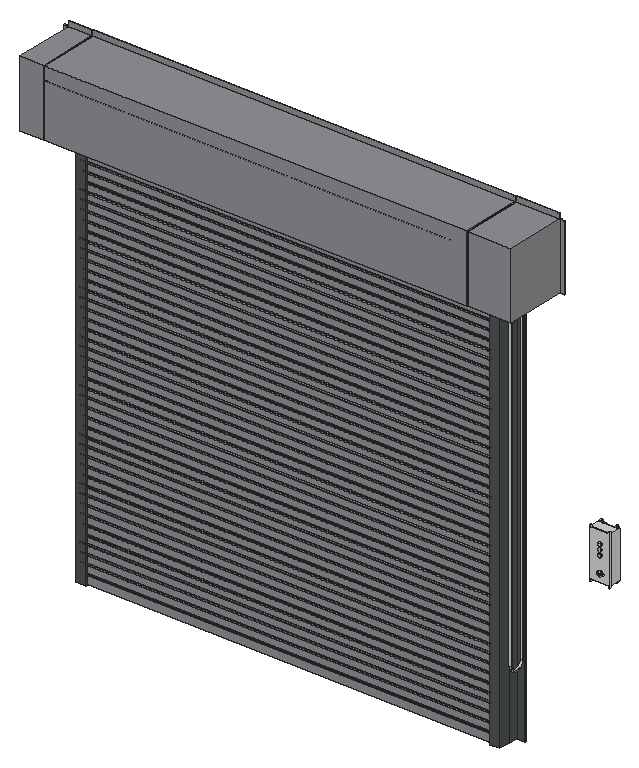
Revit family "EverServe-HD-Rolling-Steel-Service-Doors_OHD_Model-625S_compact", category Specialty Equipment, host Wall, Revit 2023
Family settings
  Host = Wall
  Round Connector Dimension = Use Diameter
  Part Type = Normal
  OmniClass Number = 23.30.10.21.34
  OmniClass Title = Industrial Doors
  Enable Cutting in Views = No
  Always vertical = Yes
  Cut with Voids When Loaded = Yes
  Maintain Annotation Orientation = No
  Shared = No
  Room Calculation Point = No
Parameters (values of type "208 volts, one phase, 60 Hz (208-240V range)")
  Warning Sign [instance] = if(Calculated Area > 683.00 SF, 1 = 1, 1 = 2)  # no
  Warning (Note) [instance] = if(Warning Sign, "The Door Area is out of the limit; please adjust accordingly. The maximum allowed area is 683 sq. ft.", if(Opening Height > 360", "Headroom Clearance Dimensions - out of the limits. Consult Factory", " "))  # " "
  Wall Thickness [instance] = 6"
  Voltage = 208 V
  Version = "1.00.01"  # constant formula
  True Opening Width [instance] = Clear Width  # 120"
  True Opening Height [instance] = Clear Height  # 120"
  Slat Type [instance] = if(Slat Option < 2, "F-265i", "F-265")  # "F-265i"
  Slat Option [instance] = 1
  Slat Length [instance] = Clear Width + G Value * 2 - 1" / 2 * 2  # 126"
  Slat Height [instance] = 13 19/128"  # constant formula
  Slat [instance] = if(Slat Option < 2, 2, 1)  # 2
  Product Page URL = "https://www.overheaddoor.com/rolling-steel-service-doors-625S"
  Power Factor = 1
  Powder Coat (Note) = "PowderGuard® Premium powder coat finish options are available in approximately 200 colors as well as custom matching to specification. PowderGuard® Textured finish, a thicker, more scratch resistant coat, is available in 11 colors providing enhanced scratch resistance as well as aiding in hiding the dirt and blemishes that often occur in commercial environments.​"  # constant formula
  Opening Width Real [instance] = if(Opening Width > Max Opening Width, Max Opening Width, if(Opening Width < Min Opening Width, Min Opening Width, Opening Width))  # 120"
  Opening Width [instance] = 120"
  Opening Height Real [instance] = if(Opening Height > Max Opening Height, Max Opening Height, if(Opening Height < Min Opening Height, Min Opening Height, Opening Height))  # 120"
  Opening Height [instance] = 120"
  One Array element [instance] = not(Array Vis)  # no
  Number of Poles = 1
  Motor Position [instance] = M Value - G Value  # 2 3/4"
  Min Opening Width [instance] = 18"  # constant formula
  Min Opening Height [instance] = 24"  # constant formula
  Max Opening Width [instance] = 360"  # constant formula
  Max Opening Height [instance] = 240"  # constant formula
  Material Finish [instance] = 625S : Standard - Gray
  M Value [instance] = if(or(Opening Width < 108", Opening Width = 108"), 5 3/4", if(or(Opening Width < 180", Opening Width = 180"), 6 1/4", if(or(Opening Width < 240", Opening Width = 240"), 7 1/4", 9 1/4")))  # 6 1/4"
  Installation Real [instance] = Wall Thickness  # 6"
  Hood Type [instance] = "Square Hood"  # constant formula
  Hood Offset [instance] = 4"  # constant formula
  Hood Material [instance] = Metal - Overhead Door - Gray
  Hood Height [instance] = A Value + 2"  # 20"
  Headroom Height Real [instance] = Hood Offset + Hood Height  # 24"
  Headroom Height [instance] = Headroom Height Real + 1 1/2"  # 25 1/2"
  HC 4 [instance] = if(or(Clear Height < 84", Clear Height = 84"), 16", if(or(Clear Height < 132", Clear Height = 132"), 18", if(or(Clear Height < 192", Clear Height = 192"), 20", 22")))  # 18"
  HC 3 [instance] = if(or(Clear Height < 108", Clear Height = 108"), 16", if(or(Clear Height < 168", Clear Height = 168"), 18", 20"))  # 18"
  HC 2 [instance] = if(or(Clear Height < 60", Clear Height = 60"), 14", if(or(Clear Height < 120", Clear Height = 120"), 16", if(or(Clear Height < 180", Clear Height = 180"), 18", 20")))  # 16"
  HC 1 [instance] = if(or(Clear Height < 96", Clear Height = 96"), 14", if(or(Clear Height < 168", Clear Height = 168"), 16", 18"))  # 16"
  Guide Type [instance] = "Angled Z Guide"  # constant formula
  Guid Depth [instance] = D Value  # 6 1/4"
  G Value [instance] = if(or(Opening Width < 108", Opening Width = 108"), 3", if(or(Opening Width < 180", Opening Width = 180"), 3 1/2", if(or(Opening Width < 240", Opening Width = 240"), 4", 5 9/16")))  # 3 1/2"
  Frequency = 60 Hz
  Face of Wall Offset [instance] = 5"  # constant formula
  Door Width True [instance] = Clear Width + M Value * 2  # 132 1/2"
  Door Width (Real) [instance] = Clear Width + 1"  # 121"
  Door Height True [instance] = Clear Width + Headroom Height  # 145 1/2"
  Door Height (Real) [instance] = Clear Height + Hood Offset  # 124"
  URL = "https://www.overheaddoor.com/"
  Product data url = "https://www.bimobject.com/overhead-door/product/everserve-hd-rolling-steel-service-doors-625S"
  Product Guid = "6a0fd513-d7c8-41b2-bc4f-ca6d2d5c098a"
  Model = "625S"  # constant formula
  Manufacturer = "Overhead Door Corporation"  # constant formula
  Wall Closure = By host
  Floor To (CL) of Shaft [instance] = Clear Height + Hood Height / 2 + Hood Offset  # 134"
  Finish Material = Finish - Overhead Door - Black
  Description = "Everserve Model 625S Springless service door"  # constant formula
  Default Elevation = 0"
  Date Updated = "2026/05/29"  # constant formula
  D Value [instance] = if(or(Opening Width < 108", Opening Width = 108"), 5 11/16", if(or(Opening Width < 180", Opening Width = 180"), 6 1/4", if(or(Opening Width < 240", Opening Width = 240"), 6 3/16", 7 1/16")))  # 6 1/4"
  Clear Width [instance] = Opening Width Real  # 120"
  Clear Height [instance] = Opening Height Real  # 120"
  Current = 20 A
  BimObject_Variable_Connectors = "No"  # constant formula
  Backroom Depth [instance] = A Value + 1/2"  # 18 1/2"
  BJ Displacement Real [instance] = 0"  # constant formula
  Array Vis [instance] = if(Array < 2, 1 = 2, 1 = 1)  # yes
  Array Real [instance] = if(Array < 2, 2, Array)  # 10
  Array Length [instance] = (Array) * Slat Height  # 131 31/64"
  Array [instance] = rounddown(([Door Height (Real)] - 3") / Slat Height) + 1  # 10
  Calculated Area [instance] = [Door Width (Real)] * [Door Height (Real)]  # 104.194 SF
  Apparent Load Phase 3 = if(Number of Poles = 1, 0 VA, (Voltage * Current * sqrt(3)) / 3)  # 0 VA
  Apparent Load Phase 2 = if(Number of Poles = 1, 0 VA, (Voltage * Current * sqrt(3)) / 3)  # 0 VA
  Apparent Load Phase 1 = if(Number of Poles = 1, Voltage * Current, (Voltage * Current * sqrt(3)) / 3)  # 4160 VA
  A Value [instance] = if(Slat Option < 2, HC 4, HC 3)  # 18"
Reference planes (in)
  plane 1 "Center (Front/Back)": y = -14.625
  plane 2 "Center (Left/Right)": x = 0
  plane 3 "Left": x = -60
  plane 4 "Right": x = 60
  plane 5 "Exterior": y = -8.625
  plane 6 "Interior": y = -14.625
  plane 7: x = 66.25
  plane 8: x = -66.25
  plane 9: z = 120
  plane 10 "Main": y = -20.23437
  plane 11 "Backroom Depth": y = -32.125
  plane 12 "Main Door Block": y = -13.625
  plane 13 "Bottom Bar": z = 2.75
  plane 14: y = -20.875
  plane 15: z = 134.23438
  plane 16: z = 144
  plane 17: z = 124
  plane 18: z = 145.5
  plane 19: z = 0
  plane 20: z = 60
  plane 21: y = -20.0625
  plane 22: y = 18.375
  plane 23: y = -41.625
  plane 24 "Double Main": y = -19.656
  plane 25 "Headroom Top": z = 145.5
  plane 26: z = 134
  plane 27: x = 63.5
  plane 28: x = -63.5
  plane 29: z = 121.08594
  plane 30: y = -20.0625
  plane 31: z = 2.75
  plane 32: y = -20.0625
  plane 33: z = 121.08594
  plane 34: y = -20.0625
  plane 35: z = 15.89844
  plane 36: y = -20.0625
  plane 37: z = 29.04688
  plane 38: y = -20.0625
  plane 39: z = 42.19531
  plane 40: y = -20.0625
  plane 41: z = 55.34375
  plane 42: y = -20.0625
  plane 43: z = 68.49219
  plane 44: y = -20.0625
  plane 45: z = 81.64063
  plane 46: y = -20.0625
  plane 47: z = 94.78906
  plane 48: y = -20.0625
  plane 49: z = 107.9375
  plane 50: z = 2.75
  plane 51: y = -20.0625
  plane 52: z = 121.08594
  plane 53: y = -20.0625
  plane 54: z = 15.89844
  plane 55: y = -20.0625
  plane 56: z = 29.04688
  plane 57: y = -20.0625
  plane 58: z = 42.19531
  plane 59: y = -20.0625
  plane 60: z = 55.34375
  plane 61: y = -20.0625
  plane 62: z = 68.49219
  plane 63: y = -20.0625
  plane 64: z = 81.64063
  plane 65: y = -20.0625
  plane 66: z = 94.78906
  plane 67: y = -20.0625
  plane 68: z = 107.9375
  plane 69: y = -20.0625
Forms (in)
  Extrusion 1, void
    sketch origin (0, -13.625, 0) x (0, 0, -1) y (-1, 0, 0)
      loop
        line (-120, 60) -> (-120, -60) -> (0, -60) -> (0, 60) -> (-120, 60)
    from -1 to 5
Text (in)
  text "Exterior" at (-74.96733, 27.31104, 0), in view "Ref. Level"
  text "Interior" at (-74.96733, -25.14366, 0), in view "Ref. Level"
  text "Exterior" at (0, 40.15149, 123.01588), in view "Right"
  text "Interior" at (0, -64.39139, 123.01588), in view "Right"
  text "Interior" at (0, -31.01599, 123.00693), in view "Left"
  text "Exterior" at (0, 54.57065, 123.00693), in view "Left"
Dimensions and locks (in)
  equal spacing: plane 3 "Left", plane 2 "Center (Left/Right)", plane 4 "Right"
  "Clear Width": plane 3 "Left" to plane 4 "Right"
  level to host wall = 459.59655"
  "Clear Height": level to plane 9
  plane 7 to plane 8 = 132 1/2"
  equal spacing: plane 7, plane 2 "Center (Left/Right)", plane 8
  locked: plane 13 "Bottom Bar" to level at 2.75
  "Door Width True": plane 7 to plane 8
  locked: plane 14 to plane 10 "Main" at 0.64063
  "Array Length": plane 15 to plane 13 "Bottom Bar"
  "Backroom Depth": plane 11 "Backroom Depth" to plane 12 "Main Door Block"
  "Hood Height": plane 16 to plane 17
  locked: plane 18 to plane 16 at 1.5
  "Installation Real": plane 1 "Center (Front/Back)" to plane 5 "Exterior"
  "Wall Thickness": host wall to host wall
  equal spacing: plane 9, plane 20, plane 19
  locked: plane 10 "Main" to plane 21 at 0.17187
  equal spacing: plane 22, host wall, plane 23
  locked: plane 22 to plane 23 at 60
  locked: plane 10 "Main" to plane 24 "Double Main" at 0.57837
  "Hood Offset": plane 17 to plane 9
  "Headroom Height": plane 25 "Headroom Top" to plane 9
  "Floor To (CL) of Shaft": plane 26 to level
  "Motor Position": plane 7 to plane 27
  "Motor Position": plane 28 to plane 8
  "Guid Depth": plane 14 to plane 1 "Center (Front/Back)"
  "Slat Height": plane 15 to plane 29
  equal spacing: group 1, group 3, group 4, group 5, group 6, group 7, group 8, group 9, group 10, group 2  (x2)
  equal spacing: group 2, group 10, group 9, group 8, group 7, group 6, group 5, group 4, group 3, group 1
  equal spacing: group 12, group 20, group 19, group 18, group 17, group 16, group 15, group 14, group 13, group 11  (x2)
  equal spacing: group 11, group 13, group 14, group 15, group 16, group 17, group 18, group 19, group 20, group 12
  aligned and locked: plane 5 "Exterior" to host wall
  aligned and locked: host wall to plane 6 "Interior"
  aligned and locked: level to Extrusion 1 sketch curve
  aligned and locked: Extrusion 1 to plane 5 "Exterior"
  aligned and locked: plane 6 "Interior" to Extrusion 1
  aligned and locked: nested 1 to plane 2 "Center (Left/Right)"
  aligned and locked: nested 1 to level
  aligned and locked: level to plane 19
  aligned and locked: nested 1 to plane 1 "Center (Front/Back)"
  aligned and locked: plane 2 "Center (Left/Right)" to nested 2
  aligned and locked: nested 2 to plane 22
  aligned and locked: plane 23 to nested 3
  aligned and locked: nested 3 to plane 2 "Center (Left/Right)"
  aligned and locked: nested 4 to plane 20
  aligned and locked: plane 2 "Center (Left/Right)" to nested 4
  aligned and locked: nested 4 to plane 21
  aligned and locked: plane 4 "Right" to Extrusion 1 sketch curve
  aligned and locked: plane 3 "Left" to Extrusion 1 sketch curve
  aligned and locked: Extrusion 1 sketch curve to plane 9
  aligned and locked: plane 13 "Bottom Bar" to plane 31
  aligned and locked: plane 21 to plane 30
  aligned and locked: plane 29 to plane 33
  aligned and locked: plane 32 to plane 21
  aligned and locked: plane 13 "Bottom Bar" to plane 50
  aligned and locked: plane 21 to plane 51
  aligned and locked: plane 29 to plane 52
  aligned and locked: plane 53 to plane 21
  aligned and locked: plane 21 to nested 15
Nested families (in)
  nested 1: "Lifts" at (0, -14.625, 0), type "Frame Unit"
    with Square Hood yes, Round Hood no, Right Motor Position yes, Octagon Hood no, No Hood no, Hood Height 20", Headroom Height Real 24", Half Hood Height 20", Shaft Offset 9 1/4", Headroom Height 24", Header Width 18 1/2", Floor To (CL) of Shaft 134"
  nested 2: "Label Annotation 1" at (0, 18.375, 0), visible <- "Warning Sign", type "Label Annotation 1"
  nested 3: "Label Annotation 1" at (0, -41.625, 0) x (-1, 0, 0) z (0, 0, 1), visible <- "Warning Sign", type "Label Annotation 1"
  nested 4: "Warning Sign" at (0, -20.0625, 60), visible <- "Warning Sign", type "Warning Sign"
    with Warning Sign no
  nested 5: "625S" at (0, -20.0625, 2.75), Slat Option <- "Slat", Opening Width <- "Slat Length", visible <- "Array Vis", type <- "Material Finish", type "Standard - Gray"
    with not av no, Void Offset 1", Void Height 1", Slat Width 3/4", Slat Position + Offset 14.491", Slat Position 13.15", Slat Option 2, Opening Width 126", Integrated Cutout no, F-265i yes, F 265 no, Cutout Width Offset 1", Cutout Vertical Offset 1.341", Cutout Thickness 3/4", Cutout Horizontal Offset 1", Cutout Center Offset 0.298"
  nested 6: "625S" at (0, -20.0625, 121.08594), Slat Option <- "Slat", Opening Width <- "Slat Length", visible <- "Array Vis", type <- "Material Finish", type "Standard - Gray"
    with not av no, Void Offset 1", Void Height 1", Slat Width 3/4", Slat Position + Offset 14.491", Slat Position 13.15", Slat Option 2, Opening Width 126", Integrated Cutout no, F-265i yes, F 265 no, Cutout Width Offset 1", Cutout Vertical Offset 1.341", Cutout Thickness 3/4", Cutout Horizontal Offset 1", Cutout Center Offset 0.298"
  nested 7: "625S" at (0, -20.0625, 15.89844), Slat Option <- "Slat", Opening Width <- "Slat Length", visible <- "Array Vis", type <- "Material Finish", type "Standard - Gray"
    with not av no, Void Offset 1", Void Height 1", Slat Width 3/4", Slat Position + Offset 14.491", Slat Position 13.15", Slat Option 2, Opening Width 126", Integrated Cutout no, F-265i yes, F 265 no, Cutout Width Offset 1", Cutout Vertical Offset 1.341", Cutout Thickness 3/4", Cutout Horizontal Offset 1", Cutout Center Offset 0.298"
  nested 8: "625S" at (0, -20.0625, 29.04688), Slat Option <- "Slat", Opening Width <- "Slat Length", visible <- "Array Vis", type <- "Material Finish", type "Standard - Gray"
    with not av no, Void Offset 1", Void Height 1", Slat Width 3/4", Slat Position + Offset 14.491", Slat Position 13.15", Slat Option 2, Opening Width 126", Integrated Cutout no, F-265i yes, F 265 no, Cutout Width Offset 1", Cutout Vertical Offset 1.341", Cutout Thickness 3/4", Cutout Horizontal Offset 1", Cutout Center Offset 0.298"
  nested 9: "625S" at (0, -20.0625, 42.19531), Slat Option <- "Slat", Opening Width <- "Slat Length", visible <- "Array Vis", type <- "Material Finish", type "Standard - Gray"
    with not av no, Void Offset 1", Void Height 1", Slat Width 3/4", Slat Position + Offset 14.491", Slat Position 13.15", Slat Option 2, Opening Width 126", Integrated Cutout no, F-265i yes, F 265 no, Cutout Width Offset 1", Cutout Vertical Offset 1.341", Cutout Thickness 3/4", Cutout Horizontal Offset 1", Cutout Center Offset 0.298"
  nested 10: "625S" at (0, -20.0625, 55.34375), Slat Option <- "Slat", Opening Width <- "Slat Length", visible <- "Array Vis", type <- "Material Finish", type "Standard - Gray"
    with not av no, Void Offset 1", Void Height 1", Slat Width 3/4", Slat Position + Offset 14.491", Slat Position 13.15", Slat Option 2, Opening Width 126", Integrated Cutout no, F-265i yes, F 265 no, Cutout Width Offset 1", Cutout Vertical Offset 1.341", Cutout Thickness 3/4", Cutout Horizontal Offset 1", Cutout Center Offset 0.298"
  nested 11: "625S" at (0, -20.0625, 68.49219), Slat Option <- "Slat", Opening Width <- "Slat Length", visible <- "Array Vis", type <- "Material Finish", type "Standard - Gray"
    with not av no, Void Offset 1", Void Height 1", Slat Width 3/4", Slat Position + Offset 14.491", Slat Position 13.15", Slat Option 2, Opening Width 126", Integrated Cutout no, F-265i yes, F 265 no, Cutout Width Offset 1", Cutout Vertical Offset 1.341", Cutout Thickness 3/4", Cutout Horizontal Offset 1", Cutout Center Offset 0.298"
  nested 12: "625S" at (0, -20.0625, 81.64063), Slat Option <- "Slat", Opening Width <- "Slat Length", visible <- "Array Vis", type <- "Material Finish", type "Standard - Gray"
    with not av no, Void Offset 1", Void Height 1", Slat Width 3/4", Slat Position + Offset 14.491", Slat Position 13.15", Slat Option 2, Opening Width 126", Integrated Cutout no, F-265i yes, F 265 no, Cutout Width Offset 1", Cutout Vertical Offset 1.341", Cutout Thickness 3/4", Cutout Horizontal Offset 1", Cutout Center Offset 0.298"
  nested 13: "625S" at (0, -20.0625, 94.78906), Slat Option <- "Slat", Opening Width <- "Slat Length", visible <- "Array Vis", type <- "Material Finish", type "Standard - Gray"
    with not av no, Void Offset 1", Void Height 1", Slat Width 3/4", Slat Position + Offset 14.491", Slat Position 13.15", Slat Option 2, Opening Width 126", Integrated Cutout no, F-265i yes, F 265 no, Cutout Width Offset 1", Cutout Vertical Offset 1.341", Cutout Thickness 3/4", Cutout Horizontal Offset 1", Cutout Center Offset 0.298"
  nested 14: "625S" at (0, -20.0625, 107.9375), Slat Option <- "Slat", Opening Width <- "Slat Length", visible <- "Array Vis", type <- "Material Finish", type "Standard - Gray"
    with not av no, Void Offset 1", Void Height 1", Slat Width 3/4", Slat Position + Offset 14.491", Slat Position 13.15", Slat Option 2, Opening Width 126", Integrated Cutout no, F-265i yes, F 265 no, Cutout Width Offset 1", Cutout Vertical Offset 1.341", Cutout Thickness 3/4", Cutout Horizontal Offset 1", Cutout Center Offset 0.298"
  nested 15: "625S" at (0, -20.0625, 2.75), Slat Option <- "Slat", Opening Width <- "Slat Length", visible <- "One Array element", type <- "Material Finish", type "Standard - Gray"
    with not av no, Void Offset 1", Void Height 1", Slat Width 3/4", Slat Position + Offset 14.491", Slat Position 13.15", Slat Option 2, Opening Width 126", Integrated Cutout no, F-265i yes, F 265 no, Cutout Width Offset 1", Cutout Vertical Offset 1.341", Cutout Thickness 3/4", Cutout Horizontal Offset 1", Cutout Center Offset 0.298"
Connectors (in)
  electrical at (91.25, -17.915, 60), driven by "Apparent Load Phase 1", driven by "Apparent Load Phase 2", driven by "Apparent Load Phase 3", driven by "Power Factor", driven by "Voltage", driven by "Number of Poles"
    settings: on nested 1, index 1, voltage 208 V, apparent load 0 VA, apparent load phase1 4160 VA, apparent load phase2 0 VA, apparent load phase3 0 VA, power factor 1, load classification "Other", number of poles 1, system type 31, power factor state 1, is connector primary yes, connector utility no, sub classification motor no, connector description "Electrical Connector"
Definition of nested family "Lifts"
  Parameters (values of type "Frame Unit")
    True Width = if(Between Jambs, Opening Width, Opening Width + 1/2")  # 120 1/2"
    Square Hood [instance] = if(Hood Option = 2, 1 = 1, 1 = 2)  # yes
    Slat Option = 1
    Round Hood [instance] = if(Hood Option > 3, 1 = 1, 1 = 2)  # no
    Rough Width = 0"
    Rough Height = 0"
    Right Motor Position [instance] = yes
    Octagon Hood [instance] = if(Hood Option = 3, 1 = 1, 1 = 2)  # no
    No Hood [instance] = if(Hood Option < 2, 1 = 1, 1 = 2)  # no
    M Value = 6 1/4"
    Hood Type = if(Hood Option < 2, "No Hood", if(Hood Option = 2, "Square Hood", if(Hood Option = 3, "Octagon Hood", "Round Hood")))  # "Square Hood"
    Hood Option = 2
    Hood Offset = 4"
    Hood Height = Headroom Height Real - Hood Offset  # 18"
    Headroom Height Real = Headroom Height  # 22"
    Half Octagon Side = 3.41726"
    Half Hood Height = Headroom Height - Hood Offset  # 18"
    G Value = 3 1/2"
    E Guide Width = if(Between Jambs, Guide Offset - G Value + BJ Connection Length - BJ Displacement * 2 / 3, 3")  # 3"
    E Guide Height = 3"  # constant formula
    Z Guide = 1 = 1  # yes
    Slat Material = none
    Shaft Offset = if(Hood Height < Header Width, (Header Width - (Header Width - Hood Height)) / 2, Header Width / 2)  # 8 1/4"
    Shaft Material = none
    Shaft Length 2 = 18"  # constant formula
    Shaft Length 1 = 12"  # constant formula
    Setback = if(Between Jambs, 0", 1/2")  # 1/2"
    Opening Width = 120"
    Hood Material = none
    Headroom Height = 22"
    Header Width = 16 1/2"
    Opening Height = 120"
    Guide Type = if(Between Jambs, "Angled Between Jambs Z Guide", if(Guide Option > 1, "Angled Z Guide", "Angled E Guide"))  # "Angled Z Guide"
    Guide Option = if(Between Jambs, 1, 2)  # 2
    Guide Offset = BJ Displacement + G Value  # 3 1/2"
    Guide Z Wide = if(Between Jambs, Guide Offset - G Value + BJ Connection Length - BJ Displacement * 2 / 3, M Value - G Value)  # 2 3/4"
    Guide Z Height = 3"  # constant formula
    Floor To (CL) of Shaft = 133"
    Finish Material = none
    Face to Wall Mount = not(Between Jambs)  # yes
    E Guide = if(Between Jambs, 1 = 1, 1 = 2)  # no
    Default Elevation = 0"
    D Value = 6 1/4"
    Chain offset = if(Opening Height < 35", Opening Height - 5", 30")  # 30"
    Between Jambs = no
    BJ Position = if(Between Jambs, 1/4", 0")  # 0"
    BJ Displacement = 0"
    BJ Connection Length = 1 / 3 * BJ Displacement  # 0"
    Angled Guide = 1 = 1  # yes
    1 = 14.57"
  Reference planes (in)
    plane 1 "Center (Front/Back)": y = 0
    plane 2: z = 0
    plane 3 "Center (Left/Right)": x = 0
    plane 4 "Opening Height": z = 120
    plane 5: x = -72
    plane 6: x = 78
    plane 7: z = 142
    plane 8: y = 16.5
    plane 9 "Real Opening 2": x = -60
    plane 10 "Real Opening 1": x = 60
    plane 11: z = 124
    plane 12 "Main": y = 0
    plane 13: z = 133
    plane 14: x = 63.5
    plane 15: x = -63.5
    plane 16: x = -63.5
    plane 17: x = 63.5
    plane 18: y = 6.25
    plane 19: x = -63.25
    plane 20: x = 63.25
    plane 21: z = 143.5
    plane 22: y = 6.25
    plane 23: y = 5.125
    plane 24: y = 6.25
    plane 25: y = 5.125
    plane 26: y = 0.25
    plane 27: z = 124
    plane 28: z = 30
    plane 29: z = 0
    plane 30: x = 74
    plane 31: x = 91.25
    plane 32: z = 60
    plane 33: x = 88.2
    plane 34: x = 94.3
    plane 35: y = 3.54
    plane 36: x = 76.25
    plane 37: x = -70.25
  Forms (in)
    Extrusion 1, solid, material <- "Slat Material"
      sketch origin (0, 0, 0) x (0, 1, 0) y (0, 0, 1)
        loop
          line (5.4375, 2.375) -> (5.4375, 2.75) -> (4.8125, 2.75) -> (4.8125, 2.375) -> (5.4375, 2.375)
      from -63.25 to 63.25
    Extrusion 2, solid, material <- "Slat Material"
      sketch origin (0, 0, 0) x (0, 1, 0) y (0, 0, 1)
        loop
          line (5.4375, 2.375) -> (4.8125, 2.375) -> (4.8125, 0) -> (5.4375, 0) -> (5.4375, 2.375)
      from -63.25 to 63.25
    Extrusion 3, solid, material <- "Shaft Material"
      sketch origin (0, -5.35201, 0) x (0, 1, 0) y (0, 0, 1)
        loop
          circle (13.60201, 133) r 0.6
      from -70.25 to 76.25
    Extrusion 4, solid, material <- "Hood Material", visible <- "Square Hood"
      sketch origin (0, 0, 0) x (0, 1, 0) y (0, 0, 1)
        loop
          line (0, 124) -> (16.5, 124) -> (16.5, 143.5) -> (0, 143.5) -> (0, 124)
      from -63.25 to 63.25
    Extrusion 5, solid, material <- "Finish Material", visible <- "E Guide"
      sketch origin (0, 0, 0) x (1, 0, 0) y (0, 1, 0)
        loop
          line (60.5, 0) -> (63.5, 0) -> (63.5, 3) -> (63.4375, 3)
          arc (63.4375, 3) -> (63.30492, 2.94508) -> (63.25, 2.8125) r 0.1875
          line (63.25, 2.8125) -> (63.25, 0.25) -> (60.6875, 0.25)
          arc (60.6875, 0.25) -> (60.55492, 0.19508) -> (60.5, 0.0625) r 0.1875
          line (60.5, 0.0625) -> (60.5, 0)
        loop
          line (-60.5, 0) -> (-60.5, 0.0625)
          arc (-60.5, 0.0625) -> (-60.55492, 0.19508) -> (-60.6875, 0.25) r 0.1875
          line (-60.6875, 0.25) -> (-63.25, 0.25) -> (-63.25, 2.8125)
          arc (-63.25, 2.8125) -> (-63.30492, 2.94508) -> (-63.4375, 3) r 0.1875
          line (-63.4375, 3) -> (-63.5, 3) -> (-63.5, 0) -> (-60.5, 0)
      from 0 to 124
    Extrusion 6, solid, material <- "Finish Material", visible <- "Z Guide"
      sketch origin (0, 0, 0) x (1, 0, 0) y (0, 1, 0)
        loop
          line (66.25, 0) -> (66.25, 0.062)
          arc (66.25, 0.062) -> (66.19494, 0.19494) -> (66.062, 0.25) r 0.188
          line (66.062, 0.25) -> (63.75, 0.25) -> (63.75, 2.812)
          arc (63.75, 2.812) -> (63.69494, 2.94494) -> (63.562, 3) r 0.188
          line (63.562, 3) -> (63.5, 3) -> (63.5, 0) -> (66.25, 0)
        loop
          line (-66.25, 0) -> (-63.5, 0) -> (-63.5, 3) -> (-63.562, 3)
          arc (-63.562, 3) -> (-63.69494, 2.94494) -> (-63.75, 2.812) r 0.188
          line (-63.75, 2.812) -> (-63.75, 0.25) -> (-66.062, 0.25)
          arc (-66.062, 0.25) -> (-66.19494, 0.19494) -> (-66.25, 0.062) r 0.188
          line (-66.25, 0.062) -> (-66.25, 0)
      from 0 to 124
    Extrusion 7, solid, material <- "Finish Material", visible <- "Angled Guide"
      sketch origin (0, 0, 0) x (1, 0, 0) y (0, 1, 0)
        loop
          line (60.5, 6.25) -> (60.5, 6.187)
          arc (60.5, 6.187) -> (60.55477, 6.05477) -> (60.687, 6) r 0.187
          line (60.687, 6) -> (63.25, 6) -> (63.25, 4.25) -> (60.5, 4.25) -> (60.5, 4.187)
          arc (60.5, 4.187) -> (60.55477, 4.05477) -> (60.687, 4) r 0.187
          line (60.687, 4) -> (63, 4) -> (63, 2.3125) -> (63.25, 2.3125) -> (63.25, 2) -> (63.5, 2) -> (63.5, 6.25) -> (60.5, 6.25)
        loop
          line (-60.5, 6.25) -> (-63.5, 6.25) -> (-63.5, 2) -> (-63.25, 2) -> (-63.25, 2.3125) -> (-63, 2.3125) -> (-63, 4) -> (-60.687, 4)
          arc (-60.687, 4) -> (-60.55477, 4.05477) -> (-60.5, 4.187) r 0.187
          line (-60.5, 4.187) -> (-60.5, 4.25) -> (-63.25, 4.25) -> (-63.25, 6) -> (-60.687, 6)
          arc (-60.687, 6) -> (-60.55477, 6.05477) -> (-60.5, 6.187) r 0.187
          line (-60.5, 6.187) -> (-60.5, 6.25)
      from 0 to 124
    Extrusion 8, solid, material <- "Hood Material"
      sketch origin (0, 0, 0) x (-1, 0, 0) y (0, 0, 1)
        loop
          line (63.25, 124) -> (63.5, 124) -> (63.5, 142) -> (63.25, 142) -> (63.25, 124)
        loop
          line (-63.5, 124) -> (-63.25, 124) -> (-63.25, 142) -> (-63.5, 142) -> (-63.5, 124)
      from 0 to 16.5
    Extrusion 9, solid, material <- "Hood Material"
      sketch origin (0, 0, 0) x (1, 0, 0) y (0, 1, 0)
        loop
          line (-72, 0) -> (-63.5, 0) -> (-63.5, 16.5) -> (-72, 16.5) -> (-72, 0)
        loop
          line (78, 0) -> (78, 16.5) -> (63.5, 16.5) -> (63.5, 0) -> (78, 0)
      from 124 to 143.5
    Extrusion 10, void
      sketch origin (0, 0, 0) x (1, 0, 0) y (0, 0, 1)
        loop
          line (-72, 143.5) -> (-72, 124) -> (-70.5, 124) -> (-70.5, 142) -> (76.5, 142) -> (76.5, 120) -> (78, 120) -> (78, 143.5) -> (-72, 143.5)
      from -0.25 to -16.5
    Extrusion 11, void
      sketch origin (0, 0, 0) x (1, 0, 0) y (0, 0, 1)
        loop
          line (-72, 142) -> (-70.5, 142) -> (-70.5, 143.5) -> (-72, 143.5) -> (-72, 142)
        loop
          line (78, 142) -> (78, 143.5) -> (76.5, 143.5) -> (76.5, 142) -> (78, 142)
      from 0 to -0.25
    Sweep 12, solid
      path origin (74, -12.75, 1000) x (0, -1, 0) y (0, 0, 1)
        loop
          line (-26.53866, -876) -> (-26.53866, -970)
          arc (-26.53866, -970) -> (-24.10116, -972.4375) -> (-21.66366, -970) r 2.4375
          line (-21.66366, -970) -> (-21.66366, -876)
      profile origin (74, 13.78866, 77) x (-1, 0, 0) y (0, -1, 0)
        loop
          circle (0, 0.2675) r 0.2675
    Extrusion 13, solid
      sketch origin (91.25, 0, 60) x (1, 0, 0) y (0, 0, 1)
        loop
          line (-3.05, 6.9501) -> (-3.05, -6.9501) -> (-2.68608, -7.50057)
          arc (-2.68608, -7.50057) -> (-2.29289, -7.67009) -> (-1.98022, -7.37757) r 0.3909
          arc (-1.98022, -7.37757) -> (-1.82768, -7.14063) -> (-1.56135, -7.04853) r 0.43113
          line (-1.56135, -7.04853) -> (1.56135, -7.04853)
          arc (1.56135, -7.04853) -> (1.82768, -7.14063) -> (1.98022, -7.37757) r 0.43113
          arc (1.98022, -7.37757) -> (2.29289, -7.67009) -> (2.68608, -7.50057) r 0.3909
          line (2.68608, -7.50057) -> (3.05, -6.9501) -> (3.05, 6.9501) -> (2.68608, 7.50057)
          arc (2.68608, 7.50057) -> (2.29289, 7.67009) -> (1.98022, 7.37757) r 0.3909
          arc (1.98022, 7.37757) -> (1.82768, 7.14063) -> (1.56135, 7.04853) r 0.43113
          line (1.56135, 7.04853) -> (-1.56135, 7.04853)
          arc (-1.56135, 7.04853) -> (-1.82768, 7.14063) -> (-1.98022, 7.37757) r 0.43113
          arc (-1.98022, 7.37757) -> (-2.29289, 7.67009) -> (-2.68608, 7.50057) r 0.3909
          line (-2.68608, 7.50057) -> (-3.05, 6.9501)
      from 0 to -3.29
    Extrusion 14, solid
      sketch origin (91.25, 0, 60) x (1, 0, 0) y (0, 0, 1)
        loop
          line (3.05, -7.50057) -> (3.05, 7.50057) -> (2.68608, 7.50057) -> (2.68608, 6.9501) -> (-2.68608, 6.9501) -> (-2.68608, 7.50057) -> (-3.05, 7.50057) -> (-3.05, -7.50057) -> (-2.68608, -7.50057) -> (-2.68608, -6.9501) -> (2.68608, -6.9501) -> (2.68608, -7.50057) -> (3.05, -7.50057)
      from -3.54 to -3.29
    Extrusion 15, void
      sketch origin (100.25, 0, 60) x (0, -1, 0) y (0, 0, -1)
        loop
          line (-3.29, -7.6759) -> (-0.25, -7.6759) -> (-0.25, -6.9501) -> (-3.29, -6.9501) -> (-3.29, -7.6759)
        loop
          line (-3.29, 7.6759) -> (-3.29, 6.9501) -> (-0.25, 6.9501) -> (-0.25, 7.6759) -> (-3.29, 7.6759)
      from -12.05 to -5.95
    Extrusion 16, solid
      sketch origin (91.25, 0, 60) x (1, 0, 0) y (0, 0, 1)
        loop
          circle (0, -4.5) r 0.75
        loop
          circle (0, 3.35363) r 0.5
        loop
          circle (0, 1.85363) r 0.5
        loop
          circle (0, 0.35363) r 0.5
      from -3.54 to -3.66
    Extrusion 17, solid
      sketch origin (91.25, 0, 59.5) x (1, 0, 0) y (0, 0, 1)
        loop
          line (-0.6134, -3.85528) -> (-0.6134, -4.14472) -> (1.1366, -4.14472) -> (1.1366, -3.85528) -> (-0.6134, -3.85528)
      from -3.66 to -4.03743
  Cuts and joins
    Extrusion 10, Extrusion 11 cuts Extrusion 9
    Extrusion 10 cuts Extrusion 4
    Extrusion 15 cuts Extrusion 13
  Lines and regions (in)
    Masking region 1
      outline origin (0, 0, 0) x (1, 0, 0) y (0, 1, 0)
        loop
          line (-63.5, 16.5) -> (-63.5, 0) -> (63.5, 0) -> (63.5, 16.5) -> (-63.5, 16.5)
    Masking region 2
      outline origin (0, 0, 0) x (1, 0, 0) y (0, 1, 0)
        loop
          line (63.5, 0) -> (78, 0) -> (78, 0.25) -> (76.5, 0.25) -> (76.5, 16.5) -> (63.5, 16.5) -> (63.5, 0)
        loop
          line (-63.5, 0) -> (-63.5, 16.5) -> (-70.5, 16.5) -> (-70.5, 0.25) -> (-72, 0.25) -> (-72, 0) -> (-63.5, 0)
    Masking region 3
      outline origin (0, 0, 0) x (1, 0, 0) y (0, 1, 0)
        loop
          line (88.2, 3.54) -> (88.2, 0) -> (94.3, 0) -> (94.3, 3.54) -> (88.2, 3.54)
    Masking region 4
      outline origin (91.25, 0, 60) x (0, -1, 0) y (1, 0, 0)
        loop
          line (-3.54, -0.75) -> (-3.54, 0.75) -> (-3.66, 0.75) -> (-3.66, 1.1366) -> (-4.03743, 1.1366) -> (-4.03743, -0.6134) -> (-3.66, -0.6134) -> (-3.66, -0.75) -> (-3.54, -0.75)
    symbolic lines
      curve 1: line (-63.25, 0, 0) -> (-63.25, 16.5, 0)
      curve 2: line (63.25, 16.5, 0) -> (63.25, 0, 0)
      curve 4: line (-72, 0.25, 0) -> (78, 0.25, 0)
      curve 6: line (88.2, 3.29, 0) -> (94.3, 3.29, 0)
      curve 7: line (88.2, 0.25, 0) -> (94.3, 0.25, 0)
      curve 8: line (90.5, 3.66, 60) -> (92.3866, 3.66, 60)
    symbolic lines, visible <- "Octagon Hood"
      curve 3: line (-63.25, 12.69239, 0) -> (63.25, 12.69239, 0)
    reference lines
      curve 5: line (91.25, 0, 60) -> (100.25, 0, 60)
  Dimensions and locks (in)
    Extrusion 1 sketch curve to level = 2 3/8"
    locked: Extrusion 1 sketch curve to Extrusion 1 sketch curve at 0.625
    locked: Extrusion 2 sketch curve to level at 2.375
    "Headroom Height Real": plane 7 to plane 4 "Opening Height"
    plane 8 to plane 1 "Center (Front/Back)" = 16 1/2"
    "Opening Height": plane 4 "Opening Height" to level
    "Hood Offset": plane 11 to plane 4 "Opening Height"
    "BJ Position": plane 12 "Main" to plane 1 "Center (Front/Back)"
    "Header Width": plane 12 "Main" to plane 8
    "Floor To (CL) of Shaft": plane 13 to level
    "Shaft Offset": Extrusion 3 sketch curve to plane 8
    locked: Extrusion 2 sketch curve to Extrusion 2 sketch curve at 0.625
    "Guide Offset": plane 10 "Real Opening 1" to plane 14
    "Guide Offset": plane 15 to plane 9 "Real Opening 2"
    locked: Extrusion 5 sketch curve to Extrusion 5 sketch curve at 0.25  (x4)
    "E Guide Height": Extrusion 5 sketch curve to Extrusion 5 sketch curve  (x2)
    "E Guide Width": Extrusion 5 sketch curve to Extrusion 5 sketch curve  (x2)
    locked: Extrusion 6 sketch curve to Extrusion 6 sketch curve at 0.25  (x4)
    "Guide Z Wide": Extrusion 6 sketch curve to Extrusion 6 sketch curve  (x2)
    "Guide Z Height": Extrusion 6 sketch curve to Extrusion 6 sketch curve  (x2)
    locked: Extrusion 7 sketch curve to Extrusion 7 sketch curve at 0.25  (x8)
    locked: Extrusion 7 sketch curve to Extrusion 7 sketch curve at 2.25  (x2)
    locked: Extrusion 7 sketch curve to Extrusion 7 sketch curve at 4.25  (x2)
    locked: Extrusion 7 sketch curve to Extrusion 7 sketch curve at 0.3125  (x2)
    "Setback": plane 10 "Real Opening 1" to Extrusion 7 sketch curve
    "Setback": Extrusion 7 sketch curve to plane 9 "Real Opening 2"
    equal spacing: plane 15, plane 3 "Center (Left/Right)", plane 14
    "G Value": Extrusion 6 sketch curve to plane 9 "Real Opening 2"
    "G Value": plane 10 "Real Opening 1" to Extrusion 6 sketch curve
    "G Value": plane 10 "Real Opening 1" to plane 17
    "G Value": plane 16 to plane 9 "Real Opening 2"
    "Shaft Length 1": plane 5 to plane 9 "Real Opening 2"
    "Shaft Length 2": plane 6 to plane 10 "Real Opening 1"
    locked: Extrusion 2 to plane 17 at 0.25
    locked: Extrusion 2 to plane 16 at 0.25
    locked: plane 16 to plane 19 at 0.25
    locked: plane 20 to plane 17 at 0.25
    equal spacing: plane 9 "Real Opening 2", plane 3 "Center (Left/Right)", plane 10 "Real Opening 1"
    "Opening Width": plane 9 "Real Opening 2" to plane 10 "Real Opening 1"
    locked: plane 21 to plane 7 at 1.5
    "D Value": plane 1 "Center (Front/Back)" to plane 18
    "D Value": plane 22 to plane 1 "Center (Front/Back)"
    locked: plane 22 to plane 23 at 1.125
    equal spacing: Extrusion 1 sketch curve, plane 23, Extrusion 1 sketch curve
    "D Value": plane 24 to plane 1 "Center (Front/Back)"
    locked: plane 24 to plane 25 at 1.125
    equal spacing: Extrusion 2 sketch curve, plane 25, Extrusion 2 sketch curve
    "G Value": plane 10 "Real Opening 1" to Extrusion 7 sketch curve
    "G Value": Extrusion 7 sketch curve to plane 9 "Real Opening 2"
    locked: Extrusion 10 sketch curve to Extrusion 10 sketch curve at 1.5  (x2)
    locked: plane 26 to plane 12 "Main" at 0.25
    locked: Extrusion 11 sketch curve to Extrusion 11 sketch curve at 1.5  (x2)
    "Chain offset": plane 28 to plane 29
    locked: plane 30 to plane 6 at 4
    locked: plane 20 to plane 31 at 28
    locked: plane 32 to level at 60
    locked: curve 5 to curve 5 at 9
    plane 1 "Center (Front/Back)" to plane 35 = 3.54"
    equal spacing: plane 33, plane 31, plane 34
    locked: plane 33 to plane 34 at 6.1
    locked: plane 5 to plane 37 at 1.75
    locked: plane 36 to plane 6 at 1.75
    radius of Extrusion 5 sketch curve = 3/16"  (x4)
    radius of Extrusion 6 sketch curve = 0.188"  (x4)
    locked: Extrusion 7 sketch curve to Extrusion 7 sketch curve (radius 0.187")  (x4)
    aligned and locked: plane 2 to level
    aligned and locked: Extrusion 4 sketch curve to plane 8
    aligned and locked: plane 13 to Extrusion 3 sketch curve
    aligned and locked: plane 12 "Main" to Extrusion 5 sketch curve  (x2)
    aligned and locked: Extrusion 5 sketch curve to plane 14
    aligned and locked: plane 15 to Extrusion 5 sketch curve
    aligned and locked: Extrusion 6 sketch curve to plane 1 "Center (Front/Back)"  (x2)
    aligned and locked: Extrusion 7 sketch curve to Extrusion 7 sketch curve  (x4)
    aligned and locked: plane 18 to Extrusion 7 sketch curve
    aligned and locked: Extrusion 7 sketch curve to plane 18
    aligned and locked: plane 12 "Main" to Extrusion 4 sketch curve
    aligned and locked: Extrusion 8 sketch curve to plane 11  (x2)
    aligned and locked: Extrusion 8 sketch curve to plane 7  (x2)
    aligned and locked: plane 16 to Extrusion 8 sketch curve
    aligned and locked: Extrusion 8 sketch curve to plane 17
    aligned and locked: Masking region 1 sketch curve to Extrusion 4
    aligned and locked: Masking region 1 to curve 2  (x2)
    aligned and locked: Masking region 1 to curve 1  (x2)
    aligned and locked: Extrusion 2 to Extrusion 1
    aligned and locked: Extrusion 1 to Extrusion 2
    aligned and locked: Masking region 1 to plane 16
    aligned and locked: Masking region 1 to plane 17
    aligned and locked: plane 19 to Extrusion 8 sketch curve
    aligned and locked: plane 20 to Extrusion 8 sketch curve
    aligned and locked: plane 19 to Extrusion 4
    aligned and locked: Extrusion 4 to plane 20
    aligned and locked: plane 8 to Extrusion 8
    aligned and locked: plane 19 to curve 3
    aligned and locked: plane 20 to curve 3
    aligned and locked: Extrusion 4 sketch curve to plane 11
    aligned and locked: Extrusion 6 to plane 11
    aligned and locked: plane 11 to Extrusion 5
    aligned and locked: plane 11 to Extrusion 7
    aligned and locked: Extrusion 9 sketch curve to plane 5
    aligned and locked: plane 16 to Extrusion 9 sketch curve
    aligned and locked: plane 1 "Center (Front/Back)" to Extrusion 9 sketch curve
    aligned and locked: Extrusion 9 sketch curve to plane 8  (x2)
    aligned and locked: Extrusion 9 sketch curve to plane 6
    aligned and locked: Extrusion 9 sketch curve to plane 14
    aligned and locked: Extrusion 9 sketch curve to plane 1 "Center (Front/Back)"
    aligned and locked: Extrusion 9 to plane 11
    aligned and locked: Extrusion 9 to plane 21
    aligned and locked: Extrusion 10 sketch curve to plane 21
    aligned and locked: Extrusion 10 sketch curve to plane 7
    aligned and locked: Extrusion 10 sketch curve to plane 5
    aligned and locked: Extrusion 10 sketch curve to plane 6
    aligned and locked: Extrusion 10 sketch curve to plane 11
    aligned and locked: Extrusion 10 sketch curve to plane 4 "Opening Height"
    aligned and locked: Extrusion 10 to plane 8
    aligned and locked: Extrusion 10 to plane 26
    aligned and locked: Extrusion 4 sketch curve to plane 21
    aligned and locked: Extrusion 11 sketch curve to plane 5
    aligned and locked: Extrusion 11 sketch curve to plane 6
    aligned and locked: Extrusion 11 sketch curve to plane 7
    aligned and locked: Extrusion 11 sketch curve to plane 21
    aligned and locked: plane 21 to Extrusion 11 sketch curve
    aligned and locked: plane 7 to Extrusion 11 sketch curve
    aligned and locked: plane 26 to Extrusion 11
    aligned and locked: Extrusion 11 to plane 1 "Center (Front/Back)"
    aligned and locked: Masking region 2 sketch curve to plane 14
    aligned and locked: Masking region 2 sketch curve to cut or joined group of Extrusion 9, Extrusion 10, Extrusion 11  (x5)
    aligned and locked: cut or joined group of Extrusion 9, Extrusion 10, Extrusion 11 to Masking region 2 sketch curve
    aligned and locked: Masking region 2 sketch curve to plane 6
    aligned and locked: plane 16 to Masking region 2 sketch curve
    aligned and locked: Masking region 2 sketch curve to plane 26
    aligned and locked: Masking region 2 sketch curve to plane 5
    aligned and locked: plane 1 "Center (Front/Back)" to Masking region 2 sketch curve
    aligned and locked: curve 4 to plane 26
    aligned and locked: plane 5 to curve 4
    aligned and locked: plane 27 to Sweep 12 sketch curve  (x2)
    aligned and locked: plane 28 to Sweep 12 sketch curve  (x2)
    aligned and locked: plane 11 to plane 27
    aligned and locked: level to plane 29
    aligned and locked: plane 31 to curve 5
    aligned and locked: curve 5 to plane 32
    aligned and locked: Extrusion 3 to plane 36
    aligned and locked: plane 37 to Extrusion 3
    aligned and locked: plane 35 to Masking region 3
    aligned and locked: plane 1 "Center (Front/Back)" to Extrusion 13
    aligned and locked: Extrusion 13 sketch curve to plane 34
    aligned and locked: Extrusion 13 sketch curve to plane 33
    aligned and locked: plane 34 to Masking region 3 sketch curve
    aligned and locked: Masking region 3 sketch curve to plane 33
    aligned and locked: Masking region 3 sketch curve to plane 35
    aligned and locked: plane 33 to Extrusion 15
    aligned and locked: Extrusion 15 to plane 34
    aligned and locked: plane 33 to curve 6
    aligned and locked: plane 34 to curve 6
    aligned and locked: plane 33 to curve 7
    aligned and locked: plane 34 to curve 7
  Automatic sketch dimensions
    Extrusion 14 sketch curve to curve 5 = 3.05"
    Extrusion 14 sketch curve to Extrusion 14 sketch curve = 0.36392"  (x4)
    curve 5 to Extrusion 14 sketch curve = 2.68608"
    Extrusion 14 sketch curve to curve 5 = 7.50057"
    Extrusion 14 sketch curve to Extrusion 14 sketch curve = 0.55048"  (x4)
    curve 5 to Extrusion 14 sketch curve = 6.9501"
    Masking region 1 sketch curve to plane 1 "Center (Front/Back)" = 0"
    Masking region 1 sketch curve to plane 15 = 0"
    Masking region 1 sketch curve to plane 14 = 0"
    Sweep 12 sketch curve to plane 8 = 2.71134"
    Sweep 12 sketch curve to Sweep 12 sketch curve = 2 7/16"
    Sweep 12 sketch curve to profile plane = 0"
    Sweep 12 sketch curve to profile plane = 0.2675"
    Extrusion 13 sketch curve to Extrusion 13 sketch curve = 0.36392"  (x2)
    Extrusion 13 sketch curve to Extrusion 13 sketch curve = 0.32608"  (x4)
    Extrusion 13 sketch curve to Extrusion 13 sketch curve = 0.79865"  (x2)
    Extrusion 13 sketch curve to Extrusion 13 sketch curve = 1.48865"
    curve 5 to Extrusion 13 sketch curve = 1.56135"
    Extrusion 13 sketch curve to Extrusion 13 sketch curve = 0.69"  (x2)
    Extrusion 13 sketch curve to curve 5 = 7.50057"  (x2)
    Extrusion 13 sketch curve to Extrusion 13 sketch curve = 0.0209"  (x2)
    Extrusion 13 sketch curve to Extrusion 13 sketch curve = 0.21557"  (x4)
    Extrusion 13 sketch curve to Extrusion 13 sketch curve = 0.43113"  (x3)
    Extrusion 13 sketch curve to Extrusion 13 sketch curve = 0.55048"  (x2)
    curve 5 to Extrusion 13 sketch curve = 6.9501"  (x2)
    Extrusion 13 sketch curve to Extrusion 13 sketch curve = 0.09844"
    Extrusion 13 sketch curve to Extrusion 13 sketch curve = 0.3349"  (x2)
    Extrusion 15 sketch curve to plane 26 = 0"  (x2)
    Extrusion 15 sketch curve to plane 35 = 1/4"  (x2)
    plane 32 to Extrusion 15 sketch curve = 7.6759"
    Extrusion 15 sketch curve to Extrusion 15 sketch curve = 0.7258"  (x2)
    Extrusion 15 sketch curve to plane 32 = 6.9501"
    Extrusion 17 sketch curve to curve 5 = 0.6134"
    curve 5 to Extrusion 17 sketch curve = 1.1366"
    Extrusion 17 sketch curve to curve 5 = 4.64472"
    Extrusion 17 sketch curve to Extrusion 17 sketch curve = 0.28943"
    Extrusion 16 sketch curve to curve 5 = 0"  (x3)
    curve 5 to Extrusion 16 sketch curve = 0"
    curve 5 to Extrusion 16 sketch curve = 0.35363"
    curve 5 to Extrusion 16 sketch curve = 1.85363"
    curve 5 to Extrusion 16 sketch curve = 3.35363"
    Extrusion 16 sketch curve to curve 5 = 4 1/2"
    plane 1 "Center (Front/Back)" to Masking region 3 sketch curve = 0"
    curve 4 to plane 6 = 0"
    curve 7 to plane 26 = 0"
    curve 6 to plane 35 = 1/4"
    curve 3 to curve 1 = 3.80761"
    Masking region 4 sketch curve to curve 5 = 4.03743"
    Masking region 4 sketch curve to Masking region 4 sketch curve = 0.37743"
    Masking region 4 sketch curve to curve 5 = 3/4"
    Masking region 4 sketch curve to Masking region 4 sketch curve = 0.1366"
    curve 5 to Masking region 4 sketch curve = 3/4"
    Masking region 4 sketch curve to Masking region 4 sketch curve = 0.3866"
    Masking region 4 sketch curve to Masking region 4 sketch curve = 0.12"  (x2)
    curve 8 to curve 5 = 3.66"
    curve 8 to curve 5 = 3/4"
    curve 5 to curve 8 = 1.1366"
    Extrusion 1 sketch curve to Extrusion 1 sketch curve = 3/8"
    Extrusion 2 sketch curve to level = 0"
    radius of Extrusion 3 sketch curve = 0.6"
    radius of Sweep 12 sketch curve = 0.2675"
    radius of Extrusion 16 sketch curve = 3/4"
    radius of Extrusion 16 sketch curve = 1/2"  (x3)
Definition of nested family "625S"
  Parameters (values of type "Standard - Gray")
    not av [instance] = 1 = 2  # no
    Void Offset [instance] = if(Integrated Cutout, 0", 1")  # 1"
    Void Height [instance] = 1"  # constant formula
    Standard = yes
    Slat Width [instance] = if(Slat Option < 2, 0.63", 3/4")  # 0.63"
    Slat Position + Offset [instance] = Slat Position + Cutout Vertical Offset  # 14.044"
    Slat Position [instance] = 2.63" * 5  # 13.15"
    Slat Option [instance] = 1
    Rough Height = 0"
    Fenestration Small = no
    Fenestration Large = no
    F-265i [instance] = if(Slat Option > 1, 1 = 1, 1 = 2)  # no
    F 265 [instance] = if(Slat Option < 2, 1 = 1, 1 = 2)  # yes
    Cutout Width Offset [instance] = 1"  # constant formula
    Cutout Thickness [instance] = if(F 265, 0.06", 3/4")  # 0.06"
    Cutout Material 2 = none
    Cutout Horizontal Offset [instance] = 1"  # constant formula
    Cutout Material = none
    Panel Material = none
    Opening Width [instance] = 128"
    Cutout Vertical Offset [instance] = if(F 265, 0.894", 1.341")  # 0.894"
    Default Elevation = 48"
    Integrated Cutout [instance] = if(or(Fenestration Large, Fenestration Small), 1 = 1, 1 = 2)  # no
    Cutout Center Offset [instance] = if(F 265, 0.315", 0.298")  # 0.315"
    Analytic Construction = "<None>"
  Types (8): name | Void Offset | Standard | Slat Width | Slat Position + Offset | Slat Option | Fenestration Large | F-265i | F 265 | Cutout Thickness | Cutout Vertical Offset | Integrated Cutout | Cutout Center Offset
    Standard - White | 1" | yes | 3/4" | 14.491" | 3 | no | yes | no | 3/4" | 1.341" | no | 0.298"
    Standard - Tan | 1" | yes | 3/4" | 14.491" | 3 | no | yes | no | 3/4" | 1.341" | no | 0.298"
    Standard - Gray | 1" | yes | 0.63" | 14.044" | 1 | no | no | yes | 0.06" | 0.894" | no | 0.315"
    Standard - Brown | 1" | yes | 3/4" | 14.491" | 3 | no | yes | no | 3/4" | 1.341" | no | 0.298"
    Vision lites 1”x10” - Brown | 0" | no | 3/4" | 14.491" | 3 | yes | yes | no | 3/4" | 1.341" | yes | 0.298"
    Vision lites 1”x10” - Gray | 0" | no | 3/4" | 14.491" | 3 | yes | yes | no | 3/4" | 1.341" | yes | 0.298"
    Vision lites 1”x10” - Tan | 0" | no | 3/4" | 14.491" | 3 | yes | yes | no | 3/4" | 1.341" | yes | 0.298"
    Vision lites 1”x10” - White | 0" | no | 3/4" | 14.491" | 3 | yes | yes | no | 3/4" | 1.341" | yes | 0.298"
  Reference planes (in)
    plane 1 "Center (Front/Back)": y = 0
    plane 2: z = 0
    plane 3 "Center (Left/Right)": x = 0
    plane 4: x = -64
    plane 5: x = 64
    plane 6: y = 0.63
    plane 7: y = 0
    plane 8: y = 0.315
    plane 9: x = -63
    plane 10: x = 63
    plane 11: y = 0.63
  Forms (in)
    Extrusion 1, solid, material <- "Panel Material", visible <- "F 265"
      sketch origin (0, -4.98186, 13.12534) x (0, 1, 0) y (0, 0, 1)
        loop
          arc (5.02225, -13.3083) -> (5.02946, -13.359) -> (5.06714, -13.39369) r 0.07621
          line (5.06714, -13.39369) -> (5.48892, -13.52622)
          arc (5.48892, -13.52622) -> (5.57147, -13.52307) -> (5.61186, -13.45101) r 0.08448
          line (5.61186, -13.45101) -> (5.61186, -11.01166)
          arc (5.61186, -11.01166) -> (5.58856, -10.95542) -> (5.53233, -10.93213) r 0.07953
          line (5.53233, -10.93213) -> (5.07146, -10.90651)
          arc (5.07146, -10.90651) -> (5.05162, -10.89829) -> (5.0434, -10.87845) r 0.02806
          line (5.0434, -10.87845) -> (5.06714, -10.76816) -> (5.48892, -10.90069)
          arc (5.48892, -10.90069) -> (5.57147, -10.89754) -> (5.61186, -10.82548) r 0.08448
          line (5.61186, -10.82548) -> (5.61186, -8.38613)
          arc (5.61186, -8.38613) -> (5.58856, -8.32989) -> (5.53233, -8.3066) r 0.07953
          line (5.53233, -8.3066) -> (5.07145, -8.28099)
          arc (5.07145, -8.28099) -> (5.05162, -8.27278) -> (5.0434, -8.25295) r 0.02804
          line (5.0434, -8.25295) -> (5.06682, -8.14253) -> (5.48892, -8.27516)
          arc (5.48892, -8.27516) -> (5.57147, -8.27201) -> (5.61186, -8.19995) r 0.08448
          line (5.61186, -8.19995) -> (5.61186, -5.7606)
          arc (5.61186, -5.7606) -> (5.58856, -5.70436) -> (5.53233, -5.68106) r 0.07953
          line (5.53233, -5.68106) -> (5.07146, -5.65544)
          arc (5.07146, -5.65544) -> (5.05162, -5.64722) -> (5.0434, -5.62738) r 0.02806
          line (5.0434, -5.62738) -> (5.06714, -5.51709) -> (5.48892, -5.64963)
          arc (5.48892, -5.64963) -> (5.57147, -5.64648) -> (5.61186, -5.57441) r 0.08448
          line (5.61186, -5.57441) -> (5.61186, -3.13506)
          arc (5.61186, -3.13506) -> (5.58856, -3.07882) -> (5.53233, -3.05553) r 0.07953
          line (5.53233, -3.05553) -> (5.07145, -3.02992)
          arc (5.07145, -3.02992) -> (5.05162, -3.02171) -> (5.0434, -3.00188) r 0.02804
          line (5.0434, -3.00188) -> (5.06682, -2.89146) -> (5.48892, -3.02409)
          arc (5.48892, -3.02409) -> (5.57147, -3.02094) -> (5.61186, -2.94888) r 0.08448
          line (5.61186, -2.94888) -> (5.61186, -0.50953)
          arc (5.61186, -0.50953) -> (5.58856, -0.45329) -> (5.53233, -0.43) r 0.07953
          line (5.53233, -0.43) -> (5.07094, -0.40562)
          arc (5.07094, -0.40562) -> (5.05177, -0.39768) -> (5.04383, -0.37851) r 0.02711
          line (5.04383, -0.37851) -> (5.09718, -0.11725)
          arc (5.09718, -0.11725) -> (5.4945, 0.04334) -> (5.06596, 0.04602) r 0.21842
          line (5.06596, 0.04602) -> (4.98186, -0.36586)
          arc (4.98186, -0.36586) -> (4.99921, -0.43741) -> (5.06536, -0.46972) r 0.08656
          line (5.06536, -0.46972) -> (5.51923, -0.48958)
          arc (5.51923, -0.48958) -> (5.5423, -0.49909) -> (5.55186, -0.52214) r 0.03256
          line (5.55186, -0.52214) -> (5.55186, -2.94108)
          arc (5.55186, -2.94108) -> (5.53961, -2.96526) -> (5.51287, -2.9697) r 0.03
          line (5.51287, -2.9697) -> (5.0787, -2.83327) -> (5.09726, -2.74238)
          arc (5.09726, -2.74238) -> (5.49489, -2.58243) -> (5.06631, -2.57951) r 0.21842
          line (5.06631, -2.57951) -> (4.98186, -2.99139)
          arc (4.98186, -2.99139) -> (4.99921, -3.06294) -> (5.06536, -3.09526) r 0.08656
          line (5.06536, -3.09526) -> (5.51923, -3.11511)
          arc (5.51923, -3.11511) -> (5.5423, -3.12462) -> (5.55186, -3.14767) r 0.03256
          line (5.55186, -3.14767) -> (5.55186, -5.56661)
          arc (5.55186, -5.56661) -> (5.53961, -5.5908) -> (5.51287, -5.59523) r 0.03
          line (5.51287, -5.59523) -> (5.07902, -5.45891) -> (5.09752, -5.36831)
          arc (5.09752, -5.36831) -> (5.49485, -5.20773) -> (5.06631, -5.20505) r 0.21842
          line (5.06631, -5.20505) -> (4.98186, -5.61692)
          arc (4.98186, -5.61692) -> (4.99921, -5.68847) -> (5.06536, -5.72079) r 0.08656
          line (5.06536, -5.72079) -> (5.51923, -5.74064)
          arc (5.51923, -5.74064) -> (5.5423, -5.75015) -> (5.55186, -5.7732) r 0.03256
          line (5.55186, -5.7732) -> (5.55186, -8.19214)
          arc (5.55186, -8.19214) -> (5.53961, -8.21633) -> (5.51287, -8.22076) r 0.03
          line (5.51287, -8.22076) -> (5.0787, -8.08434) -> (5.09726, -7.99345)
          arc (5.09726, -7.99345) -> (5.49489, -7.83349) -> (5.06631, -7.83058) r 0.21842
          line (5.06631, -7.83058) -> (4.98186, -8.24245)
          arc (4.98186, -8.24245) -> (4.99921, -8.31401) -> (5.06536, -8.34632) r 0.08656
          line (5.06536, -8.34632) -> (5.51923, -8.36618)
          arc (5.51923, -8.36618) -> (5.5423, -8.37569) -> (5.55186, -8.39874) r 0.03256
          line (5.55186, -8.39874) -> (5.55186, -10.81768)
          arc (5.55186, -10.81768) -> (5.53961, -10.84186) -> (5.51287, -10.8463) r 0.03
          line (5.51287, -10.8463) -> (5.07902, -10.70997) -> (5.09752, -10.61938)
          arc (5.09752, -10.61938) -> (5.49485, -10.45879) -> (5.06631, -10.45611) r 0.21842
          line (5.06631, -10.45611) -> (4.98186, -10.86799)
          arc (4.98186, -10.86799) -> (4.99921, -10.93954) -> (5.06536, -10.97185) r 0.08656
          line (5.06536, -10.97185) -> (5.51923, -10.99171)
          arc (5.51923, -10.99171) -> (5.5423, -11.00122) -> (5.55186, -11.02427) r 0.03256
          line (5.55186, -11.02427) -> (5.55186, -13.44321)
          arc (5.55186, -13.44321) -> (5.53961, -13.46739) -> (5.51287, -13.47183) r 0.03
          line (5.51287, -13.47183) -> (5.0787, -13.3354) -> (5.09726, -13.24451)
          arc (5.09726, -13.24451) -> (5.49489, -13.08456) -> (5.06631, -13.08164) r 0.21842
          line (5.06631, -13.08164) -> (5.01978, -13.30779)
      from -64 to 64
    Extrusion 2, void
      sketch origin (0, 0, 0) x (0, 1, 0) y (0, 0, 1)
        loop
          line (1.57, 1.394) -> (1.57, 0.394) -> (1.63, 0.394) -> (1.63, 1.394) -> (1.57, 1.394)
        loop
          line (1.57, 4.024) -> (1.57, 3.024) -> (1.63, 3.024) -> (1.63, 4.024) -> (1.57, 4.024)
        loop
          line (1.57, 6.654) -> (1.57, 5.654) -> (1.63, 5.654) -> (1.63, 6.654) -> (1.57, 6.654)
        loop
          line (1.57, 9.284) -> (1.57, 8.284) -> (1.63, 8.284) -> (1.63, 9.284) -> (1.57, 9.284)
        loop
          line (1.57, 11.914) -> (1.57, 10.914) -> (1.63, 10.914) -> (1.63, 11.914) -> (1.57, 11.914)
      from -63 to 63
    Extrusion 3, solid, material <- "Panel Material", visible <- "F-265i"
      sketch origin (0, -4.98186, 12.78) x (0, 1, 0) y (0, 0, 1)
        loop
          arc (5.02225, -12.96295) -> (5.02275, -12.99569) -> (5.03693, -13.0252) r 0.07621
          line (5.03693, -13.0252) -> (5.55133, -13.18684)
          arc (5.55133, -13.18684) -> (5.62265, -13.17501) -> (5.65531, -13.11052) r 0.08
          line (5.65531, -13.11052) -> (5.65531, -10.66688)
          arc (5.65531, -10.66688) -> (5.63343, -10.61191) -> (5.57975, -10.58701) r 0.08
          line (5.57975, -10.58701) -> (5.0815, -10.5593)
          arc (5.0815, -10.5593) -> (5.05605, -10.54876) -> (5.04551, -10.52331) r 0.03599
          line (5.04551, -10.52331) -> (5.06989, -10.41003) -> (5.55133, -10.5613)
          arc (5.55133, -10.5613) -> (5.62265, -10.54948) -> (5.65531, -10.48498) r 0.08
          line (5.65531, -10.48498) -> (5.65531, -8.04135)
          arc (5.65531, -8.04135) -> (5.63343, -7.98637) -> (5.57975, -7.96147) r 0.08
          line (5.57975, -7.96147) -> (5.08148, -7.93379)
          arc (5.08148, -7.93379) -> (5.05603, -7.92325) -> (5.04548, -7.89779) r 0.036
          line (5.04548, -7.89779) -> (5.06953, -7.78438) -> (5.55133, -7.93577)
          arc (5.55133, -7.93577) -> (5.62265, -7.92394) -> (5.65531, -7.85945) r 0.08
          line (5.65531, -7.85945) -> (5.65531, -5.41582)
          arc (5.65531, -5.41582) -> (5.63343, -5.36084) -> (5.57975, -5.33594) r 0.08
          line (5.57975, -5.33594) -> (5.0815, -5.30824)
          arc (5.0815, -5.30824) -> (5.05605, -5.2977) -> (5.04551, -5.27225) r 0.03599
          line (5.04551, -5.27225) -> (5.06989, -5.15896) -> (5.55133, -5.31024)
          arc (5.55133, -5.31024) -> (5.62265, -5.29841) -> (5.65531, -5.23392) r 0.08
          line (5.65531, -5.23392) -> (5.65531, -2.79028)
          arc (5.65531, -2.79028) -> (5.63343, -2.73531) -> (5.57975, -2.71041) r 0.08
          line (5.57975, -2.71041) -> (5.08148, -2.68272)
          arc (5.08148, -2.68272) -> (5.05603, -2.67218) -> (5.04548, -2.64673) r 0.036
          line (5.04548, -2.64673) -> (5.06953, -2.53332) -> (5.55133, -2.68471)
          arc (5.55133, -2.68471) -> (5.62265, -2.67288) -> (5.65531, -2.60839) r 0.08
          line (5.65531, -2.60839) -> (5.65531, -0.16474)
          arc (5.65531, -0.16474) -> (5.63335, -0.10968) -> (5.57953, -0.08485) r 0.08
          line (5.57953, -0.08485) -> (5.08062, -0.05849)
          arc (5.08062, -0.05849) -> (5.05598, -0.04829) -> (5.04577, -0.02365) r 0.03484
          line (5.04577, -0.02365) -> (5.09718, 0.2281)
          arc (5.09718, 0.2281) -> (5.4945, 0.38868) -> (5.06596, 0.39136) r 0.21842
          line (5.06596, 0.39136) -> (4.90531, -0.02051) -> (4.90531, -1.84216) -> (5.59531, -1.84216) -> (5.59531, -2.59573)
          arc (5.59531, -2.59573) -> (5.58306, -2.61992) -> (5.55632, -2.62435) r 0.03
          line (5.55632, -2.62435) -> (5.08132, -2.4751) -> (5.09726, -2.39704)
          arc (5.09726, -2.39704) -> (5.49507, -2.23803) -> (5.0667, -2.23228) r 0.21842
          line (5.0667, -2.23228) -> (4.90531, -2.64604) -> (4.90531, -4.46587) -> (5.59531, -4.46587) -> (5.59531, -5.22127)
          arc (5.59531, -5.22127) -> (5.58306, -5.24545) -> (5.55632, -5.24989) r 0.03
          line (5.55632, -5.24989) -> (5.08164, -5.10073) -> (5.09752, -5.02297)
          arc (5.09752, -5.02297) -> (5.49502, -4.86333) -> (5.0667, -4.85781) r 0.21842
          line (5.0667, -4.85781) -> (4.90531, -5.27158) -> (4.90531, -7.0914) -> (5.59531, -7.0914) -> (5.59531, -7.8468)
          arc (5.59531, -7.8468) -> (5.58306, -7.87098) -> (5.55632, -7.87542) r 0.03
          line (5.55632, -7.87542) -> (5.08132, -7.72616) -> (5.09726, -7.6481)
          arc (5.09726, -7.6481) -> (5.49507, -7.4891) -> (5.0667, -7.48335) r 0.21842
          line (5.0667, -7.48335) -> (4.90531, -7.89711) -> (4.90531, -9.71693) -> (5.59531, -9.71693) -> (5.59531, -10.47233)
          arc (5.59531, -10.47233) -> (5.58306, -10.49652) -> (5.55632, -10.50095) r 0.03
          line (5.55632, -10.50095) -> (5.08164, -10.3518) -> (5.09752, -10.27403)
          arc (5.09752, -10.27403) -> (5.49502, -10.1144) -> (5.0667, -10.10888) r 0.21842
          line (5.0667, -10.10888) -> (4.90531, -10.52264) -> (4.90531, -12.34247) -> (5.59531, -12.34247) -> (5.59531, -13.09787)
          arc (5.59531, -13.09787) -> (5.58306, -13.12205) -> (5.55632, -13.12649) r 0.03
          line (5.55632, -13.12649) -> (5.08132, -12.97723) -> (5.09726, -12.89917)
          arc (5.09726, -12.89917) -> (5.49489, -12.73921) -> (5.06631, -12.7363) r 0.21842
          line (5.06631, -12.7363) -> (5.01978, -12.96245)
      from -64 to 64
  Cuts and joins
    Extrusion 2 cuts Extrusion 1
    Extrusion 2 cuts Extrusion 3
  Lines and regions (in)
    reference lines
      curve 1: line (0, -4.98186, 12.78) -> (0, 10.0877, 12.78)
